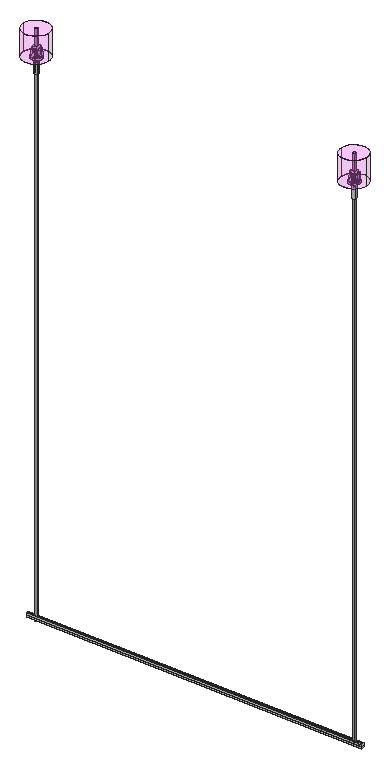
Revit family "MUILTIPLE PIPE HANGER - Trapeze Hanger", category Generic Models, Revit 2019
Family settings
  Can host rebar = No
  Round Connector Dimension = Use Diameter
  Part Type = Normal
  Work Plane-Based = No
  Always vertical = Yes
  Cut with Voids When Loaded = No
  Shared = No
  Room Calculation Point = No
Parameters (values of type "P7001")
  Unistrut Length [instance] = 0' - 10.70469"
  Unistrut Width [instance] = 0' - 0 13/16"
  Unistrut Depth [instance] = 0' - 0 13/32"
  Slab Thickness [instance] = 0' - 6"
  Rack Width [instance] = 6' - 0"
  Outside Pipe Diameter [instance] = 0' - 6 3/4"
  B2B Strut = yes
  Anchor Elevation [instance] = 10' - 0"
Types (5): name | Unistrut Width | Unistrut Depth | Slab Thickness | B2B Strut
  P1000 | 0' - 0 13/16" | 0' - 0 13/32" | 0' - 6" | yes
  P3300 | 0' - 1 5/8" | 0' - 0 7/8" | 0' - 7.57061" | no
  P1001 | 0' - 1 5/8" | 0' - 1 5/8" | 0' - 7.57061" | yes
  P7001 | 0' - 0 13/16" | 0' - 0 13/32" | 0' - 6" | yes
  MUILTIPLE PIPE HANGER - Trapeze Hanger | 0' - 0 13/16" | 0' - 1 5/8" | 0' - 7.57061" | yes
Reference planes (in)
  plane 1 "Center (Front/Back)": y = 0
  plane 2: z = 0
  plane 3 "Center (Left/Right)": x = 0
  plane 4: z = 120
  plane 5: x = 37.25
  plane 6: x = -37.25
  plane 7: x = 39.25
  plane 8: x = -39.25
  plane 9: z = -3.78125
  plane 10: y = -0.40625
  plane 11: y = 0.40625
  plane 12: x = 36
  plane 13: x = -36
  plane 14: z = -3.375
  plane 15: z = 3.375
  plane 16: z = -4.28125
  plane 17: z = -4.1875
  plane 18 "bottom of slab": z = 114
  plane 19: z = 115.974
Forms (in)
  Extrusion 1, solid, material "Default"
    sketch origin (3.35234, 0, 0) x (1, 0, 0) y (0, 1, 0)
      loop
        circle (33.89766, 0) r 0.25
    from -4.28125 to 120
  Extrusion 2, solid, material "Default"
    sketch origin (-3.35234, 0, 0) x (1, 0, 0) y (0, 1, 0)
      loop
        circle (-33.89766, 0) r 0.25
    from -4.28125 to 120
  Extrusion 3, solid
    sketch origin (0, 0, 0) x (0, 1, 0) y (0, 0, 1)
      loop
        line (0.40625, -3.375) -> (0.03125, -3.375) -> (0.03125, -3.625) -> (0.15625, -3.625) -> (0.15625, -3.5) -> (0.28125, -3.5) -> (0.28125, -3.65625) -> (-0.28125, -3.65625) -> (-0.28125, -3.5) -> (-0.15625, -3.5) -> (-0.15625, -3.625) -> (-0.03125, -3.625) -> (-0.03125, -3.375) -> (-0.40625, -3.375) -> (-0.40625, -3.78125) -> (0.40625, -3.78125) -> (0.40625, -3.375)
    from 39.25 to -39.25
  Extrusion 4, solid, visible <- "B2B Strut"
    sketch origin (0, 0, -10) x (0, 1, 0) y (0, 0, 1)
      loop
        line (0.40625, 5.8125) -> (0.40625, 6.21875) -> (-0.40625, 6.21875) -> (-0.40625, 5.8125) -> (-0.03125, 5.8125) -> (-0.03125, 6.0625) -> (-0.15625, 6.0625) -> (-0.15625, 5.9375) -> (-0.28125, 5.9375) -> (-0.28125, 6.09375) -> (0.28125, 6.09375) -> (0.28125, 5.9375) -> (0.15625, 5.9375) -> (0.15625, 6.0625) -> (0.03125, 6.0625) -> (0.03125, 5.8125) -> (0.40625, 5.8125)
    from 39.25 to -39.25
Dimensions and locks (in)
  "Anchor Elevation": level to plane 4
  plane 9 to level = 0' - 3 25/32"
  "Unistrut Width": plane 11 to plane 10
  locked: plane 8 to plane 6 at 2
  locked: plane 5 to plane 7 at 2
  "Rack Width": plane 13 to plane 12
  equal spacing: plane 6, plane 3 "Center (Left/Right)", plane 5
  locked: plane 12 to plane 5 at 1.25
  locked: plane 6 to plane 13 at 1.25
  "Unistrut Depth": plane 14 to plane 9
  equal spacing: plane 15, level, plane 14
  "Outside Pipe Diameter": plane 15 to plane 14
  plane 9 to plane 14 = 0' - 0 13/32"
  locked: Extrusion 3 sketch curve to Extrusion 3 sketch curve at 0.125  (x2)
  Extrusion 3 sketch curve to Extrusion 3 sketch curve to Extrusion 3 sketch curve = 0' - 0 1/8" locked, 0' - 0 1/8" locked  (x2)
  locked: plane 9 to plane 16 at 0.5
  equal spacing: plane 11, plane 1 "Center (Front/Back)", plane 10
  Extrusion 4 sketch curve to Extrusion 4 sketch curve to Extrusion 4 sketch curve = 0' - 0 1/8" locked, 0' - 0 1/8" locked  (x4)
  "Unistrut Depth": plane 9 to plane 17
  locked: Extrusion 3 to Extrusion 4 sketch curve at 0.125
  locked: Extrusion 4 sketch curve to Extrusion 4 sketch curve at 0.125  (x2)
  "Slab Thickness": plane 4 to plane 18 "bottom of slab"
  locked: plane 19 to plane 18 "bottom of slab" at 1.974
  aligned and locked: plane 2 to level
  aligned and locked: Extrusion 1 to plane 4
  aligned and locked: plane 4 to Extrusion 2
  aligned and locked: Extrusion 3 sketch curve to plane 14  (x2)
  aligned and locked: plane 7 to Extrusion 3
  aligned and locked: Extrusion 3 to plane 8
  aligned and locked: Extrusion 3 to plane 9  (x2)
  aligned and locked: Extrusion 3 to plane 14
  aligned and locked: plane 14 to Extrusion 3  (x2)
  aligned and locked: Extrusion 2 to plane 16
  aligned and locked: Extrusion 1 to plane 16
  aligned and locked: plane 5 to nested 1
  aligned and locked: plane 6 to nested 2
  aligned and locked: plane 1 "Center (Front/Back)" to nested 1
  aligned and locked: nested 2 to plane 1 "Center (Front/Back)"
  aligned and locked: plane 9 to Extrusion 4
  aligned and locked: plane 7 to Extrusion 4
  aligned and locked: Extrusion 4 to plane 8
  aligned and locked: Extrusion 4 sketch curve to plane 17  (x2)
  aligned and locked: plane 9 to Extrusion 4 sketch curve
  aligned and locked: plane 18 "bottom of slab" to nested 3
  aligned and locked: nested 3 to plane 5
  aligned and locked: nested 3 to plane 1 "Center (Front/Back)"
  aligned and locked: plane 18 "bottom of slab" to nested 4
  aligned and locked: plane 18 "bottom of slab" to nested 6
  aligned and locked: nested 3 to plane 18 "bottom of slab"
  aligned and locked: plane 18 "bottom of slab" to nested 5
  aligned and locked: nested 5 to plane 5
  aligned and locked: nested 4 to plane 6
  aligned and locked: nested 6 to plane 6
  aligned and locked: nested 6 to plane 1 "Center (Front/Back)"
  aligned and locked: nested 4 to plane 1 "Center (Front/Back)"
  aligned and locked: nested 5 to plane 1 "Center (Front/Back)"
  aligned and locked: nested 2 to plane 19
  aligned and locked: plane 19 to nested 1
Automatic sketch dimensions
  plane 1 "Center (Front/Back)" to Extrusion 1 sketch curve = 0' - 0"
  Extrusion 1 sketch curve to plane 5 = 0' - 0"
  plane 1 "Center (Front/Back)" to Extrusion 2 sketch curve = 0' - 0"
  Extrusion 2 sketch curve to plane 6 = 0' - 0"
  Extrusion 3 sketch curve to plane 9 = 0' - 0"
  Extrusion 3 sketch curve to plane 10 = 0' - 0"
  Extrusion 3 sketch curve to plane 11 = 0' - 0"
  Extrusion 3 sketch curve to plane 10 = 0' - 0 1/8"
  Extrusion 3 sketch curve to Extrusion 3 sketch curve = 0' - 0 3/8"
  plane 9 to Extrusion 3 sketch curve = 0' - 0 1/8"
  Extrusion 3 sketch curve to plane 14 = 0' - 0 1/4"  (x2)
  Extrusion 4 sketch curve to plane 10 = 0' - 0"
  Extrusion 4 sketch curve to plane 11 = 0' - 0"
  radius of Extrusion 1 sketch curve = 0' - 0 1/4"
  radius of Extrusion 2 sketch curve = 0' - 0 1/4"
Nested families (in)
  nested 1: "GTP" at (37.25, 0, 115.974), type "DEWALT Hanger Pt"
    with PointRole "Stake Out", PointNumber "", PointElement "", PointDescription "Hanger Pt", LinkedParam ""
  nested 2: "GTP" at (-37.25, 0, 115.974) x (-1, 0, 0) z (0, 0, 1), type "DEWALT Hanger Pt"
    with PointRole "Stake Out", PointNumber "", PointElement "", PointDescription "Hanger Pt", LinkedParam ""
  nested 3: "DEWALT Wood Knocker 2" at (37.25, 0, 114) x (-1, 0, 0) z (0, 0, 1), type "Anchor - DEWALT - PFM2521100"
    with Tension Demand 0.00 lbf, Tension DCR 0, Tension Capacity 0.00 lbf, Shear Demand 0.00 lbf, Shear DCR 0, Shear Capacity 0.00 lbf, Prefab ID "", Point Visibility no, Point Description "", Interaction DCR 0, Hanger Assembly ID "1", GTP_PointRole_0 "", GTP_PointNumber_0 "", GTP_PointElement_0 "", GTP_LinkedParam_0 "GTP_PointNumber_0", Deck Elevation 0' - 0", DCR 0, ANCHOR CLEARANCE yes
  nested 4: "DEWALT Wood Knocker 2" at (-37.25, 0, 114) x (-1, 0, 0) z (0, 0, 1), type "Anchor - DEWALT - PFM2521100"
    with Tension Demand 0.00 lbf, Tension DCR 0, Tension Capacity 0.00 lbf, Shear Demand 0.00 lbf, Shear DCR 0, Shear Capacity 0.00 lbf, Prefab ID "", Point Visibility no, Point Description "", Interaction DCR 0, Hanger Assembly ID "1", GTP_PointRole_0 "", GTP_PointNumber_0 "", GTP_PointElement_0 "", GTP_LinkedParam_0 "GTP_PointNumber_0", Deck Elevation 0' - 0", DCR 0, ANCHOR CLEARANCE yes
  nested 5: "TE_BLUE BANGER" at (37.25, 0, 114) x (-1, 0, 0) z (0, 0, 1), type "Default"
    with Tension Demand 0.00 lbf, Tension DCR 0, Tension Capacity 0.00 lbf, Shear Demand 0.00 lbf, Shear DCR 0, Shear Capacity 0.00 lbf, Prefab ID "", Point Visibility no, Point Description "", Interaction DCR 0, Hanger Assembly ID "1", GTP_PointRole_0 "", GTP_PointNumber_0 "", GTP_PointElement_0 "", GTP_LinkedParam_0 "GTP_PointNumber_0", Deck Elevation 0' - 0", DCR 0, ANCHOR CLEARANCE yes
  nested 6: "TE_BLUE BANGER" at (-37.25, 0, 114) x (-1, 0, 0) z (0, 0, 1), type "Default"
    with Tension Demand 0.00 lbf, Tension DCR 0, Tension Capacity 0.00 lbf, Shear Demand 0.00 lbf, Shear DCR 0, Shear Capacity 0.00 lbf, Prefab ID "", Point Visibility no, Point Description "", Interaction DCR 0, Hanger Assembly ID "1", GTP_PointRole_0 "", GTP_PointNumber_0 "", GTP_PointElement_0 "", GTP_LinkedParam_0 "GTP_PointNumber_0", Deck Elevation 0' - 0", DCR 0, ANCHOR CLEARANCE yes
Definition of nested family "GTP"
  Parameters (values of type "DEWALT Hanger Pt")
    URL = "www.gogtp.com"
    PointRole [instance] = "Stake Out"
    PointNumber [instance] = ""
    PointElement [instance] = ""
    PointDescription [instance] = "Hanger Pt"
    Manufacturer = "Get the Point, LLC"
    LinkedParam [instance] = ""
  Reference planes (in)
    plane 1 "Center (Front/Back)": y = 0
    plane 2: z = 0
    plane 3 "Center (Left/Right)": x = 0
  Forms (in)
    Extrusion 1, solid, detail levels medium+fine
      sketch origin (0, 0, 0) x (1, 0, 0) y (0, 1, 0)
        loop
          line (0.5, -0.5) -> (0.5, 0.5) -> (-0.5, 0.5) -> (-0.5, -0.5) -> (0.5, -0.5)
      from -0.5 to 0.5
  Lines and regions (in)
    model lines, detail levels coarse+medium
      curve 1: line (0, 0.5, 0) -> (0, 0, 0)
      curve 2: line (-0.5, 0, 0) -> (0, 0, 0)
      curve 3: line (0, 0, -0.5) -> (0, 0, 0)
      curve 4: line (0, 0, 0) -> (0.5, 0, 0)
      curve 5: line (0, 0, 0) -> (0, -0.5, 0)
      curve 6: line (0, 0, 0) -> (0, 0, 0.5)
Definition of nested family "DEWALT Wood Knocker 2"
  Parameters (values of type "Anchor - DEWALT - PFM2521300")
    ≥ 5/8" = Rod Diameter > 0' 0 1/2"  # yes
    ≤ 1/2" = not([≥ 5/8"])  # no
    Weight = 0.00 lbm
    URL = "http://anchors.dewalt.com/anchors/products/mechanical-anchors/wood-knocker2plus.php"
    UPC = ""
    Type Comments = "DEWALT Wood Knocker 2"
    Tension Demand [instance] = 0.00 lbf
    Tension DCR [instance] = 0
    Tension Capacity [instance] = 0.00 lbf
    Shear Demand [instance] = 0.00 lbf
    Shear DCR [instance] = 0
    Shear Capacity [instance] = 0.00 lbf
    Rod Zone of Influence Radius = 0' - 6"
    Rod Diameter = 0' - 0 3/4"
    Prefab ID [instance] = ""
    Point Visibility [instance] = no
    Point Description [instance] = ""
    Part Number = "PFM2521300"
    Model = "Wood-Knocker®II+"
    Manufacturer = "DeWALT® Anchors & Fasteners"
    Interaction DCR [instance] = 0
    Hanger Assembly ID [instance] = "1"
    HPH = "335RL5101J"
    GTP_PointRole_0 [instance] = ""
    GTP_PointNumber_0 [instance] = ""
    GTP_PointElement_0 [instance] = ""
    GTP_LinkedParam_0 [instance] = "GTP_PointNumber_0"
    Description = "WOODKNOCKER 2 INSERT 0.750"
    Default Elevation = 0' - 0"  # constant formula
    Deck Elevation [instance] = 0' - 0"
    DCR [instance] = 0
    Cost = 3.06
    Anchor Support Recess Depth = 0' - 1 1/8"
    ANCHOR CLEARANCE [instance] = yes
  Types (2): name | ≥ 5/8" | ≤ 1/2" | Rod Diameter | Part Number | HPH | Description | Cost | Anchor Support Recess Depth
    Anchor - DEWALT - PFM2521300 | yes | no | 0' - 0 3/4" | "PFM2521300" | "335RL5101J" | "WOODKNOCKER 2 INSERT 0.750" | 3.06 | 0' - 1 1/8"
    Anchor - DEWALT - PFM2521100 | no | yes | 0' - 0 1/4" | "PFM2521100" | "335RL5101B" | "WOODKNOCKER 2 INSERT 0.250" | 2.03 | 0' - 0 3/8"
  Reference planes (in)
    plane 1 "Center (Front/Back)": y = 0
    plane 2 "REF": z = 0
    plane 3 "Center (Left/Right)": x = 0
    plane 4 "Head Height": z = 1.97441
    plane 5 "Nail Depth": z = -0.83829
    plane 6: z = 0.15748
    plane 7: z = 1.84921
    plane 8 "PointBase": z = -0.64816
    plane 9 "Elevation": z = 0
    plane 10: x = -0.28109
    plane 11: x = 0.67385
    plane 12: x = -0.33604
    plane 13: x = -0.33604
    plane 14: z = 1.125
    plane 15: z = 1.07087
    plane 16: z = 0.46883
    plane 17: z = 1.77953
    plane 18: z = 6
  Forms (in)
    Extrusion 1, solid
      sketch origin (0, 0, 0) x (1, 0, 0) y (0, 1, 0)
        loop
          line (-48, 48) -> (-48, -48) -> (48, -48) -> (48, 48) -> (-48, 48)
      from 0 to -12
    Extrusion 2, solid
      sketch origin (0.1137, 0.04621, 0) x (1, 0, 0) y (0, 1, 0)
        loop
          circle (0.56015, -0.04621) r 0.05494
      from 0 to -0.64816
    Revolve 3, solid
      sketch origin (0.1137, 0, 0) x (1, 0, 0) y (0, 0, 1)
        loop
          line (0.56015, -0.83829) -> (0.61509, -0.64816) -> (0.56015, -0.64816) -> (0.56015, -0.83829)
        axis (0.56015, -0.83829) -> (0.56015, -0.64816)
      angle from 0 to 360
    Extrusion 4, solid
      sketch origin (-0.89618, 0.14479, 0) x (1, 0, 0) y (0, 1, 0)
        loop
          circle (0.56015, 0.43886) r 0.05494
      from 0 to -0.64816
    Revolve 5, solid
      sketch origin (-0.05494, -0.58365, 0) x (-1, 0, 0) y (0, 0, 1)
        loop
          line (0.28109, -0.83829) -> (0.28109, -0.64816) -> (0.22615, -0.64816) -> (0.28109, -0.83829)
        axis (0.28109, -0.83829) -> (0.28109, -0.64816)
      angle from 0 to 360
    Revolve 6, solid
      sketch origin (-0.05494, 0.58365, 0) x (-1, 0, 0) y (0, 0, 1)
        loop
          line (0.28109, -0.83829) -> (0.28109, -0.64816) -> (0.22615, -0.64816) -> (0.28109, -0.83829)
        axis (0.28109, -0.83829) -> (0.28109, -0.64816)
      angle from 0 to 360
    Extrusion 7, solid
      sketch origin (-0.89618, -0.53744, 0) x (1, 0, 0) y (0, 1, 0)
        loop
          circle (0.56015, -0.04621) r 0.05494
      from 0 to -0.64816
    Extrusion 8, solid
      sketch origin (0, 0, 0) x (1, 0, 0) y (0, 1, 0)
        loop
          line (-0.55168, 0.67832) -> (-0.86328, 0.13861) -> (-0.86328, -0.13861) -> (-0.55168, -0.67832) -> (-0.3116, -0.81693) -> (0.3116, -0.81693) -> (0.55168, -0.67832) -> (0.86328, -0.13861) -> (0.86328, 0.13861) -> (0.55168, 0.67832) -> (0.3116, 0.81693) -> (-0.3116, 0.81693) -> (-0.55168, 0.67832)
      from 1.84921 to 1.97441
    Extrusion 9, solid
      sketch origin (0, 0, 0) x (1, 0, 0) y (0, 1, 0)
        loop
          circle (0, 0) r 1.1875
      from 0 to 0.15748
    Extrusion 10, solid
      sketch origin (0, 0, 0) x (1, 0, 0) y (0, 1, 0)
        loop
          arc (0.56216, -0.08377) -> (0.81234, -0.0014) -> (0.56386, 0.08598) r 0.13912
          arc (0.56386, 0.08598) -> (0.28519, 0.49397) -> (-0.20747, 0.53131) r 0.57038
          arc (-0.20747, 0.53131) -> (-0.40689, 0.70309) -> (-0.35474, 0.4451) r 0.13912
          arc (-0.35474, 0.4451) -> (-0.56917, 0) -> (-0.35474, -0.4451) r 0.56917
          arc (-0.35474, -0.4451) -> (-0.40569, -0.70379) -> (-0.20853, -0.52873) r 0.13912
          arc (-0.20853, -0.52873) -> (0.28418, -0.49222) -> (0.56216, -0.08377) r 0.56837
      from 0.15748 to 1.84921
    Blend 11, solid
      base sketch origin (0, 0, 0) x (1, 0, 0) y (0, 1, 0)
        loop
          line (0.81235, -0.03303) -> (1.17835, -0.03303) -> (1.17835, 0.03317) -> (0.81235, 0.03317) -> (0.81235, -0.03303)
      top sketch origin (0, 0, 0) x (1, 0, 0) y (0, 1, 0)
        loop
          line (1.00811, 0.03317) -> (0.81235, 0.03317) -> (0.81235, -0.03303) -> (1.00811, -0.03303) -> (1.00811, 0.03317)
      from 0.15748 to 1.77953
    Blend 12, solid
      base sketch origin (0.24034, 0, 0) x (-1, 0, 0) y (0, -1, 0)
        loop
          line (0.80952, 0.03303) -> (0.80952, -0.03317) -> (1.40102, -0.03317) -> (1.40102, 0.03303) -> (0.80952, 0.03303)
      top sketch origin (0.24034, 0, 0) x (-1, 0, 0) y (0, -1, 0)
        loop
          line (0.88764, -0.03317) -> (0.88764, 0.03303) -> (0.80952, 0.03303) -> (0.80952, -0.03317) -> (0.88764, -0.03317)
      from 0.15748 to 1.07087
    Blend 13, solid
      base sketch origin (0, 0, 0) x (-0.500814, 0.865555, 0) y (-0.865555, -0.500814, 0)
        loop
          line (0.81235, -0.03303) -> (1.17835, -0.03303) -> (1.17835, 0.03317) -> (0.81235, 0.03317) -> (0.81235, -0.03303)
      top sketch origin (0, 0, 0) x (-0.500814, 0.865555, 0) y (-0.865555, -0.500814, 0)
        loop
          line (1.00811, 0.03317) -> (0.81235, 0.03317) -> (0.81235, -0.03303) -> (1.00811, -0.03303) -> (1.00811, 0.03317)
      from 0.15748 to 1.77953
    Blend 14, solid
      base sketch origin (-0.12037, 0.20803, 0) x (0.500814, -0.865555, 0) y (0.865555, 0.500814, 0)
        loop
          line (0.80952, 0.03303) -> (0.80952, -0.03317) -> (1.40102, -0.03317) -> (1.40102, 0.03303) -> (0.80952, 0.03303)
      top sketch origin (-0.12037, 0.20803, 0) x (0.500814, -0.865555, 0) y (0.865555, 0.500814, 0)
        loop
          line (0.88764, -0.03317) -> (0.88764, 0.03303) -> (0.80952, 0.03303) -> (0.80952, -0.03317) -> (0.88764, -0.03317)
      from 0.15748 to 1.07087
    Blend 15, solid
      base sketch origin (0, 0, 0) x (-0.499476, -0.866328, 0) y (0.866328, -0.499476, 0)
        loop
          line (0.81235, -0.03303) -> (1.17835, -0.03303) -> (1.17835, 0.03317) -> (0.81235, 0.03317) -> (0.81235, -0.03303)
      top sketch origin (0, 0, 0) x (-0.499476, -0.866328, 0) y (0.866328, -0.499476, 0)
        loop
          line (1.00811, 0.03317) -> (0.81235, 0.03317) -> (0.81235, -0.03303) -> (1.00811, -0.03303) -> (1.00811, 0.03317)
      from 0.15748 to 1.77953
    Blend 16, solid
      base sketch origin (-0.12005, -0.20822, 0) x (0.499476, 0.866328, 0) y (-0.866328, 0.499476, 0)
        loop
          line (0.80952, 0.03303) -> (0.80952, -0.03317) -> (1.40102, -0.03317) -> (1.40102, 0.03303) -> (0.80952, 0.03303)
      top sketch origin (-0.12005, -0.20822, 0) x (0.499476, 0.866328, 0) y (-0.866328, 0.499476, 0)
        loop
          line (0.88764, -0.03317) -> (0.88764, 0.03303) -> (0.80952, 0.03303) -> (0.80952, -0.03317) -> (0.88764, -0.03317)
      from 0.15748 to 1.07087
    Extrusion 17, solid, visible <- "ANCHOR CLEARANCE"
      sketch origin (0, 0, 0) x (1, 0, 0) y (0, 1, 0)
        loop
          circle (0.00001, 0) r 3
      from 0 to 6
  Dimensions and locks (in)
    plane 7 to plane 6 = 0' - 1.69173"
    plane 4 "Head Height" to plane 7 = 0' - 0.1252"
    plane 8 "PointBase" to plane 5 "Nail Depth" = 0' - 0.19013"
    "Deck Elevation": plane 9 "Elevation" to plane 2 "REF"
    plane 9 "Elevation" to plane 8 "PointBase" = 0' - 0.64816"
    plane 6 to plane 9 "Elevation" = 0' - 0.15748"
    "Anchor Support Recess Depth": plane 14 to plane 9 "Elevation"
    plane 16 to plane 6 = 0' - 0.31135"
    plane 15 to plane 16 = 0' - 0.60203"
    plane 17 to plane 15 = 0' - 0.70866"
    locked: plane 18 to Extrusion 9 at 6
    aligned and locked: plane 2 "REF" to Extrusion 1
    aligned and locked: level to Extrusion 1
    aligned and locked: plane 1 "Center (Front/Back)" to nested 1
    aligned and locked: nested 1 to plane 3 "Center (Left/Right)"
    aligned and locked: plane 8 "PointBase" to Revolve 6
    aligned and locked: plane 8 "PointBase" to Revolve 5
    aligned and locked: Revolve 3 to plane 8 "PointBase"
    aligned and locked: plane 8 "PointBase" to Extrusion 4
    aligned and locked: plane 8 "PointBase" to Extrusion 7
    aligned and locked: plane 8 "PointBase" to Extrusion 2
    aligned and locked: plane 9 "Elevation" to Extrusion 7
    aligned and locked: plane 9 "Elevation" to Extrusion 4
    aligned and locked: plane 9 "Elevation" to Extrusion 2
    aligned and locked: Extrusion 9 to plane 9 "Elevation"
    aligned and locked: Extrusion 10 to plane 6
    aligned and locked: Blend 11 to plane 6
    aligned and locked: plane 6 to Extrusion 9
    aligned and locked: plane 17 to Blend 11
    aligned and locked: plane 7 to Extrusion 10
    aligned and locked: Extrusion 8 to plane 7
    aligned and locked: Extrusion 8 to plane 4 "Head Height"
    aligned and locked: Blend 11 to Blend 15
    aligned and locked: Blend 15 to plane 6
    aligned and locked: plane 17 to Blend 13
    aligned and locked: Blend 13 to plane 6
    aligned and locked: plane 15 to Blend 12
    aligned and locked: plane 15 to Blend 14
    aligned and locked: plane 15 to Blend 16
    aligned and locked: Blend 12 to plane 6
    aligned and locked: Blend 14 to plane 6
    aligned and locked: Blend 16 to plane 6
    aligned and locked: plane 3 "Center (Left/Right)" to nested 2
    aligned and locked: plane 1 "Center (Front/Back)" to nested 2
    aligned and locked: plane 9 "Elevation" to nested 2
    aligned and locked: plane 1 "Center (Front/Back)" to nested 3
    aligned and locked: plane 3 "Center (Left/Right)" to nested 3
    aligned and locked: nested 3 to plane 9 "Elevation"
    aligned and locked: plane 18 to Extrusion 17
    aligned and locked: Extrusion 17 to Extrusion 9
  Automatic sketch dimensions
    Extrusion 1 sketch curve to Extrusion 1 sketch curve = 8' - 0"  (x2)
    plane 1 "Center (Front/Back)" to Extrusion 2 sketch curve = 0' - 0"
    plane 3 "Center (Left/Right)" to Extrusion 2 sketch curve = 0' - 0.67385"
    Revolve 3 sketch curve to plane 8 "PointBase" = 0' - 0"
    plane 11 to Revolve 3 sketch curve = 0' - 0"
    Revolve 3 sketch curve to plane 11 = 0' - 0"
    Revolve 3 sketch curve to plane 5 "Nail Depth" = 0' - 0"  (x2)
    Revolve 3 sketch curve to Revolve 3 sketch curve = 0' - 0.05494"
    Revolve 3 sketch curve to Revolve 3 sketch curve = 0' - 0.02339"
    Extrusion 4 sketch curve to plane 10 = 0' - 0.05494"
    Extrusion 4 sketch curve to plane 1 "Center (Front/Back)" = 0' - 0.58365"
    Revolve 5 sketch curve to plane 8 "PointBase" = 0' - 0"
    plane 10 to Revolve 5 sketch curve = 0' - 0"
    plane 12 to Revolve 5 sketch curve = 0' - 0"
    Revolve 5 sketch curve to plane 5 "Nail Depth" = 0' - 0"  (x2)
    Revolve 5 sketch curve to plane 12 = 0' - 0"
    Revolve 5 sketch curve to Revolve 5 sketch curve = 0' - 0.02339"
    Revolve 6 sketch curve to plane 8 "PointBase" = 0' - 0"
    plane 10 to Revolve 6 sketch curve = 0' - 0"
    plane 13 to Revolve 6 sketch curve = 0' - 0"
    Revolve 6 sketch curve to plane 5 "Nail Depth" = 0' - 0"  (x2)
    Revolve 6 sketch curve to plane 13 = 0' - 0"
    Revolve 6 sketch curve to Revolve 6 sketch curve = 0' - 0.02339"
    Extrusion 7 sketch curve to plane 10 = 0' - 0.05494"
    plane 1 "Center (Front/Back)" to Extrusion 7 sketch curve = 0' - 0.58365"
    Extrusion 8 sketch curve to plane 1 "Center (Front/Back)" = 0' - 0.13861"  (x2)
    Extrusion 8 sketch curve to plane 10 = 0' - 0.58219"
    Extrusion 8 sketch curve to plane 10 = 0' - 0.27059"  (x2)
    Extrusion 8 sketch curve to plane 10 = 0' - 0.03051"  (x2)
    plane 3 "Center (Left/Right)" to Extrusion 8 sketch curve = 0' - 0.3116"  (x2)
    Extrusion 8 sketch curve to Extrusion 8 sketch curve = 0' - 0.24008"  (x2)
    plane 1 "Center (Front/Back)" to Extrusion 8 sketch curve = 0' - 0.13861"  (x2)
    Extrusion 8 sketch curve to Extrusion 8 sketch curve = 0' - 0.3116"
    Extrusion 8 sketch curve to Extrusion 8 sketch curve = 0' - 0.53971"  (x4)
    Extrusion 8 sketch curve to Extrusion 8 sketch curve = 0' - 0.13861"  (x2)
    plane 1 "Center (Front/Back)" to Extrusion 9 sketch curve = 0' - 0"
    Extrusion 9 sketch curve to plane 3 "Center (Left/Right)" = 0' - 0"
    Extrusion 10 sketch curve to Extrusion 10 sketch curve = 0' - 0"  (x6)
    plane 1 "Center (Front/Back)" to Extrusion 10 sketch curve = 0' - 0"  (x2)
    Extrusion 10 sketch curve to plane 3 "Center (Left/Right)" = 0' - 0"
    Extrusion 10 sketch curve to plane 10 = 0' - 0.05552"  (x2)
    Extrusion 10 sketch curve to Extrusion 10 sketch curve = 0' - 0.67323"
    plane 1 "Center (Front/Back)" to Extrusion 10 sketch curve = 0' - 0.58303"
    Extrusion 10 sketch curve to plane 1 "Center (Front/Back)" = 0' - 0.58303"
    plane 10 to Extrusion 10 sketch curve = 0' - 0.07362"
    plane 10 to Extrusion 10 sketch curve = 0' - 0.07256"
    Extrusion 10 sketch curve to plane 10 = 0' - 0.07365"  (x2)
    Extrusion 10 sketch curve to Extrusion 10 sketch curve = 0' - 0.11107"
    Extrusion 10 sketch curve to plane 1 "Center (Front/Back)" = 0' - 0.08598"
    Blend 11 sketch curve to plane 1 "Center (Front/Back)" = 0' - 0.03317"  (x2)
    plane 3 "Center (Left/Right)" to Blend 11 sketch curve = 0' - 0.81235"  (x2)
    plane 1 "Center (Front/Back)" to Blend 11 sketch curve = 0' - 0.03303"  (x2)
    Blend 11 sketch curve to Blend 11 sketch curve = 0' - 0.366"
    Blend 11 sketch curve to Blend 11 sketch curve = 0' - 0.19576"
    plane 1 "Center (Front/Back)" to Blend 12 sketch curve = 0' - 0.03317"  (x2)
    plane 10 to Blend 12 sketch curve = 0' - 0.28808"  (x2)
    Blend 12 sketch curve to plane 1 "Center (Front/Back)" = 0' - 0.03303"  (x2)
    Blend 12 sketch curve to Blend 12 sketch curve = 0' - 0.5915"
    Blend 12 sketch curve to Blend 12 sketch curve = 0' - 0 5/64"
    Blend 13 sketch curve to plane 10 = 0' - 0.15445"  (x2)
    Blend 13 sketch curve to plane 1 "Center (Front/Back)" = 0' - 0.68652"  (x2)
    Blend 13 sketch curve to Blend 13 sketch curve = 0' - 0.366"
    Blend 13 sketch curve to Blend 13 sketch curve = 0' - 0.0662"  (x2)
    Blend 13 sketch curve to Blend 13 sketch curve = 0' - 0.19576"
    Blend 14 sketch curve to plane 3 "Center (Left/Right)" = 0' - 0.25634"  (x2)
    Blend 14 sketch curve to plane 1 "Center (Front/Back)" = 0' - 0.50926"  (x2)
    Blend 14 sketch curve to Blend 14 sketch curve = 0' - 0.5915"
    Blend 14 sketch curve to Blend 14 sketch curve = 0' - 0.0662"  (x2)
    Blend 14 sketch curve to Blend 14 sketch curve = 0' - 0 5/64"
    Blend 15 sketch curve to plane 10 = 0' - 0.09592"  (x2)
    plane 1 "Center (Front/Back)" to Blend 15 sketch curve = 0' - 0.72032"  (x2)
    Blend 15 sketch curve to Blend 15 sketch curve = 0' - 0.366"
    Blend 15 sketch curve to Blend 15 sketch curve = 0' - 0.0662"  (x2)
    Blend 15 sketch curve to Blend 15 sketch curve = 0' - 0.19576"
    Blend 16 sketch curve to plane 3 "Center (Left/Right)" = 0' - 0.31302"  (x2)
    plane 1 "Center (Front/Back)" to Blend 16 sketch curve = 0' - 0.47652"  (x2)
    Blend 16 sketch curve to Blend 16 sketch curve = 0' - 0.5915"
    Blend 16 sketch curve to Blend 16 sketch curve = 0' - 0.0662"  (x2)
    Blend 16 sketch curve to Blend 16 sketch curve = 0' - 0 5/64"
    plane 1 "Center (Front/Back)" to Extrusion 17 sketch curve = 0' - 0"
    plane 3 "Center (Left/Right)" to Extrusion 17 sketch curve = 0' - 0"
    radius of Extrusion 2 sketch curve = 0' - 0.05494"
    radius of Extrusion 4 sketch curve = 0' - 0.05494"
    radius of Extrusion 7 sketch curve = 0' - 0.05494"
    radius of Extrusion 9 sketch curve = 0' - 1 3/16"
    radius of Extrusion 17 sketch curve = 0' - 3"
  Nested families (in)
    nested 1: "Target" at (0, 0, 0) x (0, -1, 0) z (0, 0, 1), type "Target"
    nested 2: "GTP" at (0, 0, 0), PointNumber <- "GTP_PointNumber_0", PointRole <- "GTP_PointRole_0", PointElement <- "GTP_PointElement_0", LinkedParam <- "GTP_LinkedParam_0", PointDescription <- "Point Description", visible <- "Point Visibility", type "DEWALT Hanger Pt"
      with PointRole "", PointNumber "", PointElement "", PointDescription "", LinkedParam "GTP_PointNumber_0"
    nested 3: "Trmb_FieldPoints_MarkerGraphic_Hanger Point" at (0, 0, 0), visible <- "Point Visibility", type "MarkerTFP"
  Definition of nested family "GTP"
    Parameters (values of type "DEWALT Hanger Pt")
      URL = "www.gogtp.com"
      PointRole [instance] = "Stake Out"
      PointNumber [instance] = ""
      PointElement [instance] = ""
      PointDescription [instance] = "Hanger Pt"
      Manufacturer = "Get the Point, LLC"
      LinkedParam [instance] = ""
    Reference planes (in)
      plane 1 "Center (Front/Back)": y = 0
      plane 2: z = 0
      plane 3 "Center (Left/Right)": x = 0
    Forms (in)
      Extrusion 1, solid, detail levels medium+fine
        sketch origin (0, 0, 0) x (1, 0, 0) y (0, 1, 0)
          loop
            line (0.5, -0.5) -> (0.5, 0.5) -> (-0.5, 0.5) -> (-0.5, -0.5) -> (0.5, -0.5)
        from -0.5 to 0.5
    Lines and regions (in)
      model lines, detail levels coarse+medium
        curve 1: line (0, 0.5, 0) -> (0, 0, 0)
        curve 2: line (-0.5, 0, 0) -> (0, 0, 0)
        curve 3: line (0, 0, -0.5) -> (0, 0, 0)
        curve 4: line (0, 0, 0) -> (0.5, 0, 0)
        curve 5: line (0, 0, 0) -> (0, -0.5, 0)
        curve 6: line (0, 0, 0) -> (0, 0, 0.5)
  Definition of nested family "Target"
    Reference planes (in)
      plane 1 "Center (Front/Back)": y = 0
      plane 2: z = 0
      plane 3 "Center (Left/Right)": x = 0
    Lines and regions (in)
      Filled region 1, type "Solid Fill - Black", in view "Ref. Level"
        outline origin (0, 0, 0) x (1, 0, 0) y (0, 1, 0)
          loop
            line (-1, 0) -> (0, 0) -> (0, 1)
            arc (0, 1) -> (-0.70711, 0.70711) -> (-1, 0) r 1
      Filled region 2, type "Solid Fill - Black", in view "Ref. Level"
        outline origin (0, 0, 0) x (1, 0, 0) y (0, 1, 0)
          loop
            arc (0, -1) -> (0.70711, -0.70711) -> (1, 0) r 1
            line (1, 0) -> (0, 0) -> (0, -1)
      detail lines, in view "Ref. Level"
        curve 1: circle (0, 0, 0) r 1 normal (0, 0, 1)
  Definition of nested family "Trmb_FieldPoints_MarkerGraphic_Hanger Point"
    Parameters (values of type "MarkerTFP")
      Default Elevation = 4' - 0"
    Reference planes (in)
      plane 1 "Center (Front/Back)": y = 0
      plane 2: z = 0
      plane 3 "Center (Left/Right)": x = 0
    Lines and regions (in)
      model lines
        curve 1: line (0.00001, 0, 0) -> (0.00001, 1, 0)
        curve 2: line (0.00001, 0, 0) -> (-0.99999, 0, 0)
        curve 3: line (0.00001, 0, 0) -> (0.00001, -1, 0)
        curve 4: line (0.00001, 0, 0) -> (1.00001, 0, 0)
        curve 5: line (0.00001, 0, 0) -> (0.00001, 0, -1)
        curve 11: line (0.00001, 0, 1) -> (0.00001, 0, 0)
      model lines, not visible
        curve 6: line (0, 0, 0) -> (0, 1, 0)
        curve 7: line (0, 0, 0) -> (-1, 0, 0)
        curve 8: line (0, 0, 0) -> (0, -1, 0)
        curve 9: line (0, 0, 0) -> (1, 0, 0)
        curve 10: line (0, 0, 0) -> (0, 0, -1)
        curve 12: line (0, 0, 1) -> (0, 0, 0)
    Dimensions and locks (in)
      aligned and locked: level to plane 2
Definition of nested family "TE_BLUE BANGER"
  Parameters (values of type "Default")
    ≥ 5/8" = Rod Diameter > 0' 0 1/2"  # no
    ≤ 1/2" = not([≥ 5/8"])  # yes
    Weight = 0.00 lbm
    URL = "http://anchors.dewalt.com/anchors/_documents/uploads/bang-itplus_manual.pdf?1477063953"
    UPC = ""
    Tension Demand [instance] = 0.00 lbf
    Tension DCR [instance] = 0
    Tension Capacity [instance] = 0.00 lbf
    Shear Demand [instance] = 0.00 lbf
    Shear DCR [instance] = 0
    Shear Capacity [instance] = 0.00 lbf
    Rod Zone of Influence Radius = 0' - 6"
    Rod Diameter = 0' - 0 1/2"
    Prefab ID [instance] = ""
    Point Visibility [instance] = no
    Point Description [instance] = ""
    Part Number = "7543-1/2"
    Interaction DCR [instance] = 0
    Hanger Assembly ID [instance] = "1"
    HPH = ""
    GTP_PointRole_0 [instance] = ""
    GTP_PointNumber_0 [instance] = ""
    GTP_PointElement_0 [instance] = ""
    GTP_LinkedParam_0 [instance] = "GTP_PointNumber_0"
    Model = "Bang-It®+"
    Manufacturer = "DeWALT® Anchors & Fasteners"
    Description = "Concrete insert for installation in and through metal composite deck."
    Default Elevation = 0' - 0"  # constant formula
    Deck Elevation [instance] = 0' - 0"
    DCR [instance] = 0
    Anchor Support Recess Depth = 0' - 0 11/16"
    ANCHOR CLEARANCE [instance] = yes
  Reference planes (in)
    plane 1 "Center (Front/Back)": y = 0
    plane 2: z = 0
    plane 3 "Center (Left/Right)": x = 0
    plane 4 "REF": z = 0
    plane 5: z = -3.386
    plane 6: z = -3.3
    plane 7: z = 0.075
    plane 8: z = 1.843
    plane 9: z = 1.974
    plane 10: z = 6
  Forms (in)
    Extrusion 1, solid
      sketch origin (0, 0, 0) x (1, 0, 0) y (0, 1, 0)
        loop
          line (-48, 48) -> (-48, -48) -> (48, -48) -> (48, 48) -> (-48, 48)
      from 0 to -12
    Extrusion 2, solid, visible <- "≤ 1/2""
      sketch origin (0, 0, 8.31834) x (1, 0, 0) y (0, 1, 0)
        loop
          line (-0.14119, 0.73659) -> (-0.56731, 0.49057) -> (-0.7085, 0.24602) -> (-0.7085, -0.24602) -> (-0.56731, -0.49057) -> (-0.14119, -0.73659) -> (0.14119, -0.73659) -> (0.56731, -0.49057) -> (0.7085, -0.24602) -> (0.7085, 0.24602) -> (0.56731, 0.49057) -> (0.14119, 0.73659) -> (-0.14119, 0.73659)
      from -6.47534 to -6.34434
    Extrusion 3, solid, visible <- "≤ 1/2""
      sketch origin (0, 0, 6.46934) x (0, -1, 0) y (1, 0, 0)
        loop
          line (-0.75, -0.7104) -> (-0.25, -0.7104) -> (-0.25, -1.375) -> (0.25, -1.375) -> (0.25, -0.7104) -> (0.75, -0.7104) -> (0.75, 0.7104) -> (0.25, 0.7104) -> (0.25, 1.375) -> (-0.25, 1.375) -> (-0.25, 0.7104) -> (-0.75, 0.7104) -> (-0.75, -0.7104)
      from -6.46934 to -6.39434
    Extrusion 4, solid, visible <- "≤ 1/2""
      sketch origin (0, 0, 6.46934) x (0, 1, 0) y (-1, 0, 0)
        loop
          circle (0, 0) r 0.3935
        loop
          circle (0, 0) r 0.3125
      from -9.85534 to -6.46934
    Extrusion 5, solid, visible <- "≥ 5/8""
      sketch origin (0, 0, 8.31234) x (1, 0, 0) y (0, 1, 0)
        loop
          line (-0.55091, 0.6798) -> (-0.86418, 0.1372) -> (-0.86418, -0.1372) -> (-0.55091, -0.6798) -> (-0.31327, -0.817) -> (0.31327, -0.817) -> (0.55091, -0.6798) -> (0.86418, -0.1372) -> (0.86418, 0.1372) -> (0.55091, 0.6798) -> (0.31327, 0.817) -> (-0.31327, 0.817) -> (-0.55091, 0.6798)
      from -6.46934 to -6.33834
    Extrusion 6, solid, visible <- "≥ 5/8""
      sketch origin (0, 0, 6.46934) x (0, -1, 0) y (1, 0, 0)
        loop
          line (-0.75, -1.181) -> (-0.25, -1.181) -> (-0.25, -1.75) -> (0.25, -1.75) -> (0.25, -1.181) -> (0.75, -1.181) -> (0.75, 1.181) -> (0.25, 1.181) -> (0.25, 1.75) -> (-0.25, 1.75) -> (-0.25, 1.181) -> (-0.75, 1.181) -> (-0.75, -1.181)
      from -6.46934 to -6.39434
    Extrusion 7, solid, visible <- "≥ 5/8""
      sketch origin (0, 0, 6.46934) x (1, 0, 0) y (0, 1, 0)
        loop
          circle (0, 0) r 0.561
        loop
          circle (0, 0) r 0.4375
      from -9.76934 to -6.46934
    Extrusion 8, solid, visible <- "≤ 1/2""
      sketch origin (0, 0, 8.39334) x (1, 0, 0) y (0, 1, 0)
        loop
          circle (0, 0) r 0.333
      from -8.31834 to -6.55034
    Extrusion 9, solid, visible <- "≥ 5/8""
      sketch origin (0, 0, 8.38734) x (1, 0, 0) y (0, 1, 0)
        loop
          circle (0, 0) r 0.5
      from -8.31234 to -6.54434
    Extrusion 10, solid, visible <- "ANCHOR CLEARANCE"
      sketch origin (0, 0, 0) x (1, 0, 0) y (0, 1, 0)
        loop
          circle (0.00001, 0) r 3
      from 0 to 6
  Cuts and joins
    joined: Extrusion 5, Extrusion 6, Extrusion 9
    joined: Extrusion 2, Extrusion 3, Extrusion 8
  Dimensions and locks (in)
    "Deck Elevation": plane 4 "REF" to plane 2
    plane 9 to plane 4 "REF" = 0' - 1.974"
    plane 4 "REF" to plane 6 = 0' - 3.3"
    plane 4 "REF" to plane 5 = 0' - 3.386"
    plane 7 to plane 4 "REF" = 0' - 0.075"
    plane 9 to plane 8 = 0' - 0.131"
    locked: plane 10 to cut or joined group of Extrusion 5, Extrusion 6, Extrusion 9 at 6
    aligned and locked: plane 2 to Extrusion 1
    aligned and locked: level to Extrusion 1
    aligned and locked: plane 3 "Center (Left/Right)" to nested 1
    aligned and locked: nested 1 to plane 1 "Center (Front/Back)"
    aligned and locked: Extrusion 4 to plane 5
    aligned and locked: Extrusion 7 to plane 6
    aligned and locked: plane 4 "REF" to Extrusion 4
    aligned and locked: plane 4 "REF" to Extrusion 7
    aligned and locked: plane 7 to cut or joined group of Extrusion 2, Extrusion 3, Extrusion 8
    aligned and locked: plane 7 to cut or joined group of Extrusion 5, Extrusion 6, Extrusion 9
    aligned and locked: cut or joined group of Extrusion 5, Extrusion 6, Extrusion 9 to plane 7
    aligned and locked: cut or joined group of Extrusion 2, Extrusion 3, Extrusion 8 to plane 7
    aligned and locked: plane 9 to cut or joined group of Extrusion 5, Extrusion 6, Extrusion 9
    aligned and locked: plane 9 to cut or joined group of Extrusion 2, Extrusion 3, Extrusion 8
    aligned and locked: plane 8 to cut or joined group of Extrusion 5, Extrusion 6, Extrusion 9
    aligned and locked: cut or joined group of Extrusion 5, Extrusion 6, Extrusion 9 to plane 8
    aligned and locked: cut or joined group of Extrusion 5, Extrusion 6, Extrusion 9 to plane 4 "REF"
    aligned and locked: cut or joined group of Extrusion 2, Extrusion 3, Extrusion 8 to plane 4 "REF"
    aligned and locked: cut or joined group of Extrusion 2, Extrusion 3, Extrusion 8 to plane 8
    aligned and locked: plane 8 to cut or joined group of Extrusion 2, Extrusion 3, Extrusion 8
    aligned and locked: plane 1 "Center (Front/Back)" to nested 2
    aligned and locked: plane 3 "Center (Left/Right)" to nested 2
    aligned and locked: plane 4 "REF" to nested 2
    aligned and locked: plane 3 "Center (Left/Right)" to nested 3
    aligned and locked: plane 1 "Center (Front/Back)" to nested 3
    aligned and locked: nested 3 to plane 4 "REF"
    aligned and locked: Extrusion 10 to cut or joined group of Extrusion 5, Extrusion 6, Extrusion 9
    aligned and locked: plane 10 to Extrusion 10
  Automatic sketch dimensions
    Extrusion 1 sketch curve to Extrusion 1 sketch curve = 8' - 0"  (x2)
    Extrusion 4 sketch curve to Extrusion 4 sketch curve = 0' - 0"  (x2)
    plane 1 "Center (Front/Back)" to Extrusion 4 sketch curve = 0' - 0"
    Extrusion 4 sketch curve to plane 3 "Center (Left/Right)" = 0' - 0"
    Extrusion 7 sketch curve to Extrusion 7 sketch curve = 0' - 0"  (x2)
    plane 1 "Center (Front/Back)" to Extrusion 7 sketch curve = 0' - 0"
    Extrusion 7 sketch curve to plane 3 "Center (Left/Right)" = 0' - 0"
    plane 1 "Center (Front/Back)" to Extrusion 8 sketch curve = 0' - 0"
    Extrusion 8 sketch curve to plane 3 "Center (Left/Right)" = 0' - 0"
    plane 1 "Center (Front/Back)" to Extrusion 9 sketch curve = 0' - 0"
    Extrusion 9 sketch curve to plane 3 "Center (Left/Right)" = 0' - 0"
    Extrusion 5 sketch curve to plane 3 "Center (Left/Right)" = 0' - 0.31327"  (x2)
    Extrusion 5 sketch curve to plane 1 "Center (Front/Back)" = 0' - 0.1372"  (x2)
    plane 3 "Center (Left/Right)" to Extrusion 5 sketch curve = 0' - 0.31327"  (x2)
    Extrusion 5 sketch curve to Extrusion 5 sketch curve = 0' - 0.23764"  (x4)
    plane 1 "Center (Front/Back)" to Extrusion 5 sketch curve = 0' - 0.1372"
    Extrusion 5 sketch curve to Extrusion 5 sketch curve = 0' - 0.54259"  (x2)
    plane 1 "Center (Front/Back)" to Extrusion 5 sketch curve = 0' - 0.6798"
    Extrusion 5 sketch curve to Extrusion 5 sketch curve = 0' - 0.1372"  (x3)
    Extrusion 5 sketch curve to Extrusion 5 sketch curve = 0' - 0.31327"  (x2)
    plane 1 "Center (Front/Back)" to Extrusion 5 sketch curve = 0' - 0.817"
    Extrusion 2 sketch curve to plane 3 "Center (Left/Right)" = 0' - 0.14119"  (x2)
    Extrusion 2 sketch curve to plane 1 "Center (Front/Back)" = 0' - 0.24602"  (x2)
    Extrusion 2 sketch curve to Extrusion 2 sketch curve = 0' - 0.14119"  (x3)
    Extrusion 2 sketch curve to Extrusion 2 sketch curve = 0' - 0.42613"  (x3)
    plane 1 "Center (Front/Back)" to Extrusion 2 sketch curve = 0' - 0.24602"  (x2)
    Extrusion 2 sketch curve to Extrusion 2 sketch curve = 0' - 0.24602"  (x2)
    plane 1 "Center (Front/Back)" to Extrusion 2 sketch curve = 0' - 0.49057"
    plane 3 "Center (Left/Right)" to Extrusion 2 sketch curve = 0' - 0.14119"  (x2)
    Extrusion 2 sketch curve to Extrusion 2 sketch curve = 0' - 0.24454"  (x3)
    Extrusion 3 sketch curve to plane 1 "Center (Front/Back)" = 0' - 0 3/4"
    Extrusion 3 sketch curve to plane 1 "Center (Front/Back)" = 0' - 0 1/4"  (x2)
    plane 1 "Center (Front/Back)" to Extrusion 3 sketch curve = 0' - 0 1/4"  (x2)
    Extrusion 3 sketch curve to Extrusion 3 sketch curve = 0' - 0 1/2"
    Extrusion 3 sketch curve to plane 3 "Center (Left/Right)" = 0' - 1 3/8"
    Extrusion 3 sketch curve to plane 3 "Center (Left/Right)" = 0' - 0.7104"  (x2)
    plane 3 "Center (Left/Right)" to Extrusion 3 sketch curve = 0' - 0.7104"  (x2)
    Extrusion 3 sketch curve to Extrusion 3 sketch curve = 0' - 0"  (x2)
    Extrusion 3 sketch curve to Extrusion 3 sketch curve = 0' - 0.6646"
    Extrusion 6 sketch curve to plane 1 "Center (Front/Back)" = 0' - 0 3/4"
    Extrusion 6 sketch curve to plane 1 "Center (Front/Back)" = 0' - 0 1/4"  (x2)
    plane 1 "Center (Front/Back)" to Extrusion 6 sketch curve = 0' - 0 1/4"  (x2)
    Extrusion 6 sketch curve to Extrusion 6 sketch curve = 0' - 0 1/2"
    Extrusion 6 sketch curve to plane 3 "Center (Left/Right)" = 0' - 1 3/4"
    Extrusion 6 sketch curve to Extrusion 6 sketch curve = 0' - 0.569"  (x3)
    Extrusion 6 sketch curve to Extrusion 6 sketch curve = 0' - 0"  (x3)
    plane 3 "Center (Left/Right)" to Extrusion 6 sketch curve = 0' - 1.181"
    plane 1 "Center (Front/Back)" to Extrusion 10 sketch curve = 0' - 0"
    plane 3 "Center (Left/Right)" to Extrusion 10 sketch curve = 0' - 0"
    radius of Extrusion 4 sketch curve = 0' - 0.3935"
    radius of Extrusion 4 sketch curve = 0' - 0 5/16"
    radius of Extrusion 7 sketch curve = 0' - 0.561"
    radius of Extrusion 7 sketch curve = 0' - 0 7/16"
    radius of Extrusion 8 sketch curve = 0' - 0.333"
    radius of Extrusion 9 sketch curve = 0' - 0 1/2"
    radius of Extrusion 10 sketch curve = 0' - 3"
  Nested families (in)
    nested 1: "Target" at (0, 0, -3.3) x (1, 0, 0) z (0, 0, -1), type "Target"
    nested 2: "GTP" at (0, 0, 0), PointNumber <- "GTP_PointNumber_0", PointRole <- "GTP_PointRole_0", PointElement <- "GTP_PointElement_0", LinkedParam <- "GTP_LinkedParam_0", visible <- "Point Visibility", PointDescription <- "Point Description", type "DEWALT Hanger Pt"
      with PointRole "", PointNumber "", PointElement "", PointDescription "", LinkedParam "GTP_PointNumber_0"
    nested 3: "Trmb_FieldPoints_MarkerGraphic_Hanger Point" at (0, 0, 0), visible <- "Point Visibility", type "MarkerTFP"
  Definition of nested family "GTP"
    Parameters (values of type "DEWALT Hanger Pt")
      URL = "www.gogtp.com"
      PointRole [instance] = "Stake Out"
      PointNumber [instance] = ""
      PointElement [instance] = ""
      PointDescription [instance] = "Hanger Pt"
      Manufacturer = "Get the Point, LLC"
      LinkedParam [instance] = ""
    Reference planes (in)
      plane 1 "Center (Front/Back)": y = 0
      plane 2: z = 0
      plane 3 "Center (Left/Right)": x = 0
    Forms (in)
      Extrusion 1, solid, detail levels medium+fine
        sketch origin (0, 0, 0) x (1, 0, 0) y (0, 1, 0)
          loop
            line (0.5, -0.5) -> (0.5, 0.5) -> (-0.5, 0.5) -> (-0.5, -0.5) -> (0.5, -0.5)
        from -0.5 to 0.5
    Lines and regions (in)
      model lines, detail levels coarse+medium
        curve 1: line (0, 0.5, 0) -> (0, 0, 0)
        curve 2: line (-0.5, 0, 0) -> (0, 0, 0)
        curve 3: line (0, 0, -0.5) -> (0, 0, 0)
        curve 4: line (0, 0, 0) -> (0.5, 0, 0)
        curve 5: line (0, 0, 0) -> (0, -0.5, 0)
        curve 6: line (0, 0, 0) -> (0, 0, 0.5)
  Definition of nested family "Target"
    Reference planes (in)
      plane 1 "Center (Front/Back)": y = 0
      plane 2: z = 0
      plane 3 "Center (Left/Right)": x = 0
    Lines and regions (in)
      Filled region 1, type "Solid Fill - Black", in view "Ref. Level"
        outline origin (0, 0, 0) x (1, 0, 0) y (0, 1, 0)
          loop
            line (-1, 0) -> (0, 0) -> (0, 1)
            arc (0, 1) -> (-0.70711, 0.70711) -> (-1, 0) r 1
      Filled region 2, type "Solid Fill - Black", in view "Ref. Level"
        outline origin (0, 0, 0) x (1, 0, 0) y (0, 1, 0)
          loop
            arc (0, -1) -> (0.70711, -0.70711) -> (1, 0) r 1
            line (1, 0) -> (0, 0) -> (0, -1)
      detail lines, in view "Ref. Level"
        curve 1: circle (0, 0, 0) r 1 normal (0, 0, 1)
  Definition of nested family "Trmb_FieldPoints_MarkerGraphic_Hanger Point"
    Parameters (values of type "MarkerTFP")
      Default Elevation = 4' - 0"
    Reference planes (in)
      plane 1 "Center (Front/Back)": y = 0
      plane 2: z = 0
      plane 3 "Center (Left/Right)": x = 0
    Lines and regions (in)
      model lines
        curve 1: line (0.00001, 0, 0) -> (0.00001, 1, 0)
        curve 2: line (0.00001, 0, 0) -> (-0.99999, 0, 0)
        curve 3: line (0.00001, 0, 0) -> (0.00001, -1, 0)
        curve 4: line (0.00001, 0, 0) -> (1.00001, 0, 0)
        curve 5: line (0.00001, 0, 0) -> (0.00001, 0, -1)
        curve 11: line (0.00001, 0, 1) -> (0.00001, 0, 0)
      model lines, not visible
        curve 6: line (0, 0, 0) -> (0, 1, 0)
        curve 7: line (0, 0, 0) -> (-1, 0, 0)
        curve 8: line (0, 0, 0) -> (0, -1, 0)
        curve 9: line (0, 0, 0) -> (1, 0, 0)
        curve 10: line (0, 0, 0) -> (0, 0, -1)
        curve 12: line (0, 0, 1) -> (0, 0, 0)
    Dimensions and locks (in)
      aligned and locked: level to plane 2
